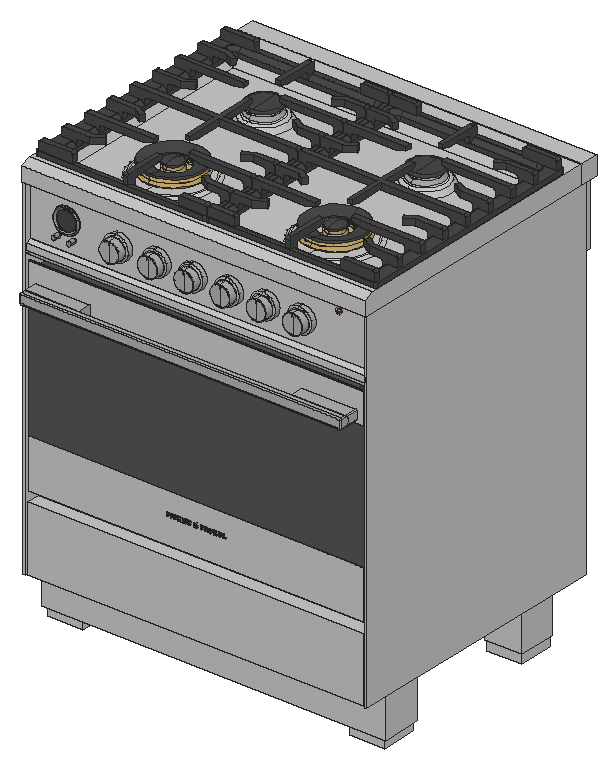
Revit family "FP_Revit_18_OR30SDG6X1_Range_90001008A", category Specialty Equipment, Revit 2018
Family settings
  Round Connector Dimension = Use Diameter
  Part Type = Normal
  OmniClass Number = 23.40.40.14.17.17
  OmniClass Title = Ranges
  Work Plane-Based = No
  Always vertical = Yes
  Cut with Voids When Loaded = Yes
  Shared = No
  Room Calculation Point = No
Parameters
  Visibility - Toe Kick Panel (Optional) = yes
  Visibility - Rear Trim 3"/76mm (Optional) = no
  Visibility - Rear Trim (Supplied) = yes
  Visibility - Clearance Required = yes
  Visibility - Adjustable Feet Covers = yes
  URL = "www.fisherpaykel.com"
  Product - Width = 759 mm  # constant formula
  Product - Height = 915 mm  # constant formula
  Product - Depth = 679.1 mm  # constant formula
  Optional - Toe Kick Panel = "KICKOR30X1"
  Optional - Rear Trim = "TKOR306X1"
  Model = "OR30SDG6X1"
  Material - Trim = Fisher & Paykel - Steel, Chrome Plated
  Material - Handle = Fisher & Paykel - Aluminium
  Material - Glass = Fisher & Paykel - Glass, Black
  Material - Door Front = Fisher & Paykel - Glass, Black
  Material - Buttons and Dials = Fisher & Paykel - Aluminium
  Material - Burners & Trivets = Fisher & Paykel - Black, Matte
  Material - Body = Fisher & Paykel - Stainless Steel
  Manufacturer = "Fisher & Paykel Appliances"
  Keynote = ""
  Description = "30\" Contemporary Freestanding Dual Fuel Range (Stainless)"
  Countertop Height (min 908mm - max 933mm) = 915 mm
  Connector Description - Gas = "NG 1kPa (4\" WC), LPG 2.75 kPa (11\" WC), 1/2” NPT Minimum 5/8” dia. flex line"
  Connector Description - Electrical = "120/208 V or 120/240 V, 60 Hz, 30 A, Fused electrical supply"
  Clearance - Side Non-Combustible = 0 mm  # constant formula
  Clearance - Side Combustible = 330 mm  # constant formula
  Clearance - Rear Non-Combustible = 0 mm  # constant formula
  Clearance - Rear Combustible = 305 mm  # constant formula
  Clearance - Overhead Rangehood = 762 mm  # constant formula
  Clearance - Overhead Non-Combustible = 762 mm  # constant formula
  Clearance - Overhead Combustible = 914 mm  # constant formula
  Chassis - Width = 759 mm  # constant formula
  Chassis - Height = 816 mm  # constant formula
  Chassis - Depth = 638 mm  # constant formula
  Cavity - Width = 762 mm  # constant formula
  Cavity - Height = 0 mm  # constant formula
  Cavity - Depth = 641 mm  # constant formula
Reference planes
  plane 1 "Datum": y = 0
  plane 2: z = 0
  plane 3 "Center (Left/Right)": x = 0
  plane 4 "Product Height": z = 923
  plane 5 "Product LHS": x = -379.5
  plane 6 "Product RHS": x = 379.5
  plane 7 "Cavity LHS": x = -381
  plane 8 "Cavity RHS": x = 381
  plane 9 "Product Depth": y = 638
  plane 10 "Cavity Depth": y = 641
  plane 11 "Dials": z = 820.4
  plane 12 "Countertop Height": z = 915
Forms (mm)
  Extrusion 1, solid, material "Fisher & Paykel - Stainless Steel" <- "Material - Body"
    sketch origin (0, 0, 0) x (0, 1, 0) y (0, 0, 1)
      loop
        line (50.7, 883) -> (50.7, 107) -> (603, 107) -> (603, 883) -> (50.7, 883)
    from -374 to 374
  Extrusion 2, solid, material "Fisher & Paykel - Stainless Steel" <- "Material - Body"
    sketch origin (0, 0, 0) x (0, 1, 0) y (0, 0, 1)
      loop
        line (12.5, 883) -> (12.5, 768) -> (50.7, 768) -> (50.7, 883) -> (12.5, 883)
    from -374 to 374
  Extrusion 3, solid, material "Fisher & Paykel - Stainless Steel" <- "Material - Body"
    sketch origin (0, 0, 0) x (0, 1, 0) y (0, 0, 1)
      loop
        line (32, 250.4) -> (2, 250.4) -> (2, 107) -> (32, 107) -> (32, 250.4)
    from -370 to 370
  Extrusion 4, solid, material "Fisher & Paykel - Clearance Required", visible <- "Visibility - Clearance Required", detail levels coarse
    sketch origin (0, 0, 0) x (0, 1, 0) y (0, 0, 1)
      loop
        line (0, 273.2) -> (0, 727.091)
        arc (0, 727.091) -> (-320.949, 594.149) -> (-453.891, 273.2) r 453.891
        line (-453.891, 273.2) -> (0, 273.2)
    from -381 to 381
  Extrusion 5, solid, material "Fisher & Paykel - Clearance Required", visible <- "Visibility - Clearance Required", detail levels coarse
    sketch origin (0, 0, 0) x (0, 1, 0) y (0, 0, 1)
      loop
        line (641, 0) -> (641, 923) -> (0, 923) -> (0, 0) -> (641, 0)
    from -381 to 381
  Extrusion 6, solid, material "Fisher & Paykel - Clearance Required (Combustible)", visible <- "Visibility - Clearance Required", detail levels coarse
    sketch origin (0, 0, 0) x (1, 0, 0) y (0, 1, 0)
      loop
        line (-381, 0) -> (-381, 641) -> (381, 641) -> (381, 0) -> (711, 0) -> (711, 946) -> (-711, 946) -> (-711, 0) -> (-381, 0)
    from 923 to 1380
  Extrusion 7, solid, material "Fisher & Paykel - Clearance Required (Non-Combustible)", visible <- "Visibility - Clearance Required", detail levels coarse
    sketch origin (0, 0, 0) x (1, 0, 0) y (0, 1, 0)
      loop
        line (-381, 0) -> (381, 0) -> (381, 641) -> (-381, 641) -> (-381, 0)
    from 923 to 1685
  Extrusion 8, solid, material "Fisher & Paykel - Clearance Required (Combustible)", visible <- "Visibility - Clearance Required", detail levels coarse
    sketch origin (0, 0, 0) x (1, 0, 0) y (0, 1, 0)
      loop
        line (381, 641) -> (-381, 641) -> (-381, 0) -> (381, 0) -> (381, 641)
    from 1685 to 1837
  Extrusion 9, solid, material "Fisher & Paykel - Clearance Required (Combustible)", visible <- "Visibility - Clearance Required", detail levels coarse
    sketch origin (0, 0, 0) x (1, 0, 0) y (0, 1, 0)
      loop
        line (-711, 0) -> (-381, 0) -> (-381, 311) -> (-711, 311) -> (-711, 0)
      loop
        line (711, 0) -> (711, 311) -> (381, 311) -> (381, 0) -> (711, 0)
    from 1837 to 1380
  Extrusion 10, solid, material "Fisher & Paykel - Stainless Steel" <- "Material - Body"
    sketch origin (0, 0, 0) x (0, 1, 0) y (0, 0, 1)
      loop
        line (0, 883) -> (0, 107) -> (603, 107) -> (603, 883) -> (0, 883)
    from 374 to 379.5
  Extrusion 11, solid, material "Fisher & Paykel - Stainless Steel" <- "Material - Body"
    sketch origin (0, 0, 0) x (0, 1, 0) y (0, 0, 1)
      loop
        line (0, 883) -> (0, 107) -> (603, 107) -> (603, 883) -> (0, 883)
    from -379.5 to -374
  Extrusion 12, solid, material "Fisher & Paykel - Stainless Steel" <- "Material - Body"
    sketch origin (0, 0, 0) x (0, 1, 0) y (0, 0, 1)
      loop
        line (1.349, 748) -> (50.7, 748) -> (50.7, 768) -> (12.5, 768) -> (1.349, 761.562) -> (1.349, 748)
    from -374 to 374
  Extrusion 13, solid, material "Fisher & Paykel - Steel, Chrome Plated" <- "Material - Trim", detail levels fine
    sketch origin (0, 0, 0) x (0, 1, 0) y (0, 0, 1)
      loop
        line (1.349, 743.1) -> (1.349, 741.5) -> (50.7, 741.5) -> (50.7, 743.1) -> (1.349, 743.1)
    from -374 to 374
  Extrusion 14, solid, material "Fisher & Paykel - Stainless Steel" <- "Material - Body"
    sketch origin (0, 0, 0) x (0, 1, 0) y (0, 0, 1)
      loop
        line (-3, 914.9) -> (-3, 883) -> (592, 883) -> (592, 923) -> (17.048, 923) -> (-3, 914.9)
    from -379.5 to 379.5
  Extrusion 15, solid, material "Fisher & Paykel - Stainless Steel" <- "Material - Body", visible <- "Visibility - Adjustable Feet Covers"
    sketch origin (0, 0, 0) x (1, 0, 0) y (0, 1, 0)
      loop
        line (-292.2, 137.7) -> (-374, 137.7) -> (-374, 55.7) -> (-292.2, 55.7) -> (-292.2, 137.7)
      loop
        line (-292.2, 516) -> (-374, 516) -> (-374, 434.3) -> (-292.2, 434.3) -> (-292.2, 516)
      loop
        line (292.2, 137.7) -> (292.2, 55.7) -> (374, 55.7) -> (374, 137.7) -> (292.2, 137.7)
      loop
        line (292.2, 516) -> (292.2, 434.3) -> (374, 434.3) -> (374, 516) -> (292.2, 516)
    from 21.3 to 107
  Extrusion 16, solid, material "Fisher & Paykel - Stainless Steel" <- "Material - Body", visible <- "Visibility - Adjustable Feet Covers"
    sketch origin (0, 0, 0) x (1, 0, 0) y (0, 1, 0)
      loop
        line (-294.2, 514.3) -> (-372.3, 514.3) -> (-372.3, 436.2) -> (-294.2, 436.2) -> (-294.2, 514.3)
      loop
        line (-294.2, 135.8) -> (-372.3, 135.8) -> (-372.3, 57.7) -> (-294.2, 57.7) -> (-294.2, 135.8)
      loop
        line (294.2, 514.3) -> (294.2, 436.2) -> (372.3, 436.2) -> (372.3, 514.3) -> (294.2, 514.3)
      loop
        line (294.2, 135.8) -> (294.2, 57.7) -> (372.3, 57.7) -> (372.3, 135.8) -> (294.2, 135.8)
    from 0 to 21.3
  Extrusion 17, solid, material "Fisher & Paykel - Stainless Steel" <- "Material - Body", visible <- "Visibility - Toe Kick Panel (Optional)"
    sketch origin (0, 0, 0) x (1, 0, 0) y (0, 1, 0)
      loop
        line (-374, 137.7) -> (-379.5, 137.7) -> (-379.5, 50.7) -> (379.5, 50.7) -> (379.5, 137.7) -> (374, 137.7) -> (374, 55.7) -> (-374, 55.7) -> (-374, 137.7)
    from 21.3 to 107
  Extrusion 18, solid, material "Fisher & Paykel - Glass, Black" <- "Material - Glass"
    sketch origin (0, 0, 0) x (1, 0, 0) y (0, 0, 1)
      loop
        line (-370, 272.4) -> (370, 272.4) -> (370, 727.6) -> (-370, 727.6) -> (-370, 272.4)
    from -8.9 to -4.9
  Extrusion 19, solid, material "Fisher & Paykel - Glass, Black" <- "Material - Door Front"
    sketch origin (0, 0, 0) x (0, 1, 0) y (0, 0, 1)
      loop
        line (8.9, 725.037) -> (8.9, 272.4) -> (50.7, 272.4) -> (50.7, 720.644) -> (8.9, 725.037)
    from -350 to 350
  Extrusion 20, void
    sketch origin (0, 0, 0) x (1, 0, 0) y (0, 1, 0)
      loop
        arc (-333.8, 543) -> (-347.942, 537.142) -> (-353.8, 523) r 20
        line (-353.8, 523) -> (-353.8, 58.351)
        arc (-353.8, 58.351) -> (-347.942, 44.209) -> (-333.8, 38.351) r 20
        line (-333.8, 38.351) -> (333.8, 38.351)
        arc (333.8, 38.351) -> (347.942, 44.209) -> (353.8, 58.351) r 20
        line (353.8, 58.351) -> (353.8, 516.8)
        arc (353.8, 516.8) -> (346.126, 535.326) -> (327.6, 543) r 26.2
        line (327.6, 543) -> (-333.8, 543)
    from 893 to 923
  Extrusion 21, solid, material "Fisher & Paykel - Stainless Steel" <- "Material - Body", visible <- "Visibility - Rear Trim (Supplied)"
    sketch origin (0, 0, 0) x (0, 1, 0) y (0, 0, 1)
      loop
        line (592, 923) -> (592, 883) -> (633, 883) -> (633, 923) -> (592, 923)
    from -379.5 to 379.5
  Sweep 22, solid, material "Fisher & Paykel - Stainless Steel", detail levels fine
    path in 3D
      loop
        arc (-353.8, 523, 923) -> (-347.942, 537.142, 923) -> (-333.8, 543, 923) r 20
        line (-333.8, 543, 923) -> (327.6, 543, 923)
        arc (327.6, 543, 923) -> (346.126, 535.326, 923) -> (353.8, 516.8, 923) r 26.2
        line (353.8, 516.8, 923) -> (353.8, 58.351, 923)
        arc (353.8, 58.351, 923) -> (347.942, 44.209, 923) -> (333.8, 38.351, 923) r 20
        line (333.8, 38.351, 923) -> (-333.8, 38.351, 923)
        arc (-333.8, 38.351, 923) -> (-347.942, 44.209, 923) -> (-353.8, 58.351, 923) r 20
        line (-353.8, 58.351, 923) -> (-353.8, 523, 923)
    profile origin (-353.8, 290.675, 923) x (-1, 0, 0) y (0, 0, 1)
      loop
        line (0, 0) -> (-18.746, -30) -> (0, -30) -> (0, 0)
  Revolve 23, solid, material "Fisher & Paykel - Stainless Steel" <- "Material - Body"
    sketch origin (-179, 0, 0) x (0, 1, 0) y (0, 0, 1)
      loop
        line (163, 893) -> (163, 897) -> (84.905, 897)
        arc (84.905, 897) -> (83.174, 896.81) -> (81.524, 896.25) r 8
        line (81.524, 896.25) -> (74.554, 893) -> (163, 893)
      axis (163, 893) -> (163, 897)
    angle from 0 to 360
  Revolve 24, solid, material "Fisher & Paykel - Stainless Steel" <- "Material - Body"
    sketch origin (-179, 0, 0) x (0, 1, 0) y (0, 0, 1)
      loop
        line (413.1, 907.049) -> (371.389, 907.049)
        arc (371.389, 907.049) -> (367.674, 906.135) -> (364.808, 903.599) r 8
        line (364.808, 903.599) -> (357.481, 893) -> (413.1, 893) -> (413.1, 907.049)
      axis (413.1, 893) -> (413.1, 907.049)
    angle from 0 to 360
  Revolve 25, solid, material "Fisher & Paykel - Stainless Steel" <- "Material - Body"
    sketch origin (179, 0, 0) x (0, 1, 0) y (0, 0, 1)
      loop
        line (163, 893) -> (163, 897) -> (84.905, 897)
        arc (84.905, 897) -> (83.174, 896.81) -> (81.524, 896.25) r 8
        line (81.524, 896.25) -> (74.554, 893) -> (163, 893)
      axis (163, 893) -> (163, 897)
    angle from 0 to 360
  Revolve 26, solid, material "Fisher & Paykel - Stainless Steel" <- "Material - Body"
    sketch origin (179, 0, 0) x (0, 1, 0) y (0, 0, 1)
      loop
        line (413.1, 907.049) -> (371.389, 907.049)
        arc (371.389, 907.049) -> (367.674, 906.135) -> (364.808, 903.599) r 8
        line (364.808, 903.599) -> (357.481, 893) -> (413.1, 893) -> (413.1, 907.049)
      axis (413.1, 893) -> (413.1, 907.049)
    angle from 0 to 360
  Extrusion 27, void
    sketch origin (0, 0, 0) x (1, 0, 0) y (0, 0, 1)
      loop
        line (293.3, 307) -> (293.3, 155.9) -> (-366.5, 155.9) -> (-366.5, 99) -> (366.5, 99) -> (366.5, 307) -> (293.3, 307)
    from -603 to -528
  Extrusion 28, solid, material "Fisher & Paykel - Stainless Steel" <- "Material - Body", detail levels fine
    sketch origin (0, 0, 0) x (1, 0, 0) y (0, 1, 0)
      loop
        line (-205.048, 573.322) -> (-205.048, 537.488) -> (-155.824, 537.488) -> (-155.824, 573.322) -> (-205.048, 573.322)
    from 143.4 to 155.9
  Extrusion 29, solid, material "Fisher & Paykel - Stainless Steel" <- "Material - Body", detail levels medium+fine
    sketch origin (0, 0, 0) x (1, 0, 0) y (0, 1, 0)
      loop
        circle (-149.108, 543.3) r 6
    from 113 to 155.9
  Extrusion 30, solid, material "Fisher & Paykel - Stainless Steel" <- "Material - Body"
    sketch origin (0, 0, 0) x (1, 0, 0) y (0, 0, 1)
      loop
        circle (-358, 897) r 4.009
      loop
        circle (-358, 897) r 7.491
      loop
        circle (358, 897) r 4.009
      loop
        circle (358, 897) r 7.491
    from -638 to -633
  Extrusion 31, solid, material "Fisher & Paykel - Stainless Steel" <- "Material - Body"
    sketch origin (0, 0, 0) x (1, 0, 0) y (0, 0, 1)
      loop
        line (365.45, 732) -> (365.45, 883) -> (-365.45, 883) -> (-365.45, 732) -> (365.45, 732)
    from -633 to -603
  Extrusion 32, solid, material "Fisher & Paykel - Stainless Steel" <- "Material - Body"
    sketch origin (0, 0, 0) x (0, 1, 0) y (0, 0, 1)
      loop
        line (641, 159) -> (634.5, 159) -> (603.768, 13.3) -> (486.3, 13.3) -> (486.3, 0) -> (641, 0) -> (641, 159)
    from -27 to 27
  Extrusion 33, solid, material "Fisher & Paykel - Stainless Steel" <- "Material - Body"
    sketch origin (0, 0, 0) x (1, 0, 0) y (0, 1, 0)
      loop
        circle (0, 514.362) r 4.977
    from 13.3 to 50.9
  Extrusion 34, solid, material "Fisher & Paykel - Stainless Steel" <- "Material - Body", visible <- "Visibility - Rear Trim 3"/76mm (Optional)"
    sketch origin (0, 0, 0) x (0, 1, 0) y (0, 0, 1)
      loop
        line (633, 883) -> (633, 999) -> (581.8, 999) -> (581.8, 923) -> (592, 923) -> (592, 883) -> (633, 883)
    from -379.5 to 379.5
  Extrusion 35, solid, material "Fisher & Paykel - Stainless Steel" <- "Material - Body"
    sketch origin (0, 0, 0) x (1, 0, 0) y (0, 1, 0)
      loop
        circle (-333.1, 96.6) r 25
      loop
        circle (-333.15, 475.15) r 25
      loop
        circle (333.1, 96.6) r 25
      loop
        circle (333.15, 475.15) r 25
    from 0 to 107
  Extrusion 36, solid, material "Fisher & Paykel - Stainless Steel" <- "Material - Body"
    sketch origin (0, 0, 0) x (0, 1, 0) y (0, 0, 1)
      loop
        line (528, 107) -> (509.5, 107) -> (509.5, 50.9) -> (528, 50.9) -> (528, 107)
    from -27 to 27
  Revolve 37, void
    sketch origin (308.5, 0, 0) x (0, 1, 0) y (0, 0, 1)
      loop
        line (14.44, 867.737) -> (12.5, 869.677) -> (12.5, 862.456) -> (19.44, 862.456) -> (19.44, 867.737) -> (14.44, 867.737)
      axis (19.44, 862.456) -> (12.5, 862.456)
    angle from 0 to 360
  Extrusion 38, solid, material "Fisher & Paykel - Bezel Red", detail levels medium+fine
    sketch origin (0, 0, 0) x (1, 0, 0) y (0, 0, 1)
      loop
        circle (308.5, 862.456) r 5.281
    from -19.44 to -14.44
  Extrusion 39, solid, material "Fisher & Paykel - Stainless Steel" <- "Material - Body"
    sketch origin (0, 0, 0) x (0, 1, 0) y (0, 0, 1)
      loop
        line (3, 727.6) -> (3, 661.7) -> (4.9, 661.7) -> (4.9, 727.6) -> (3, 727.6)
      loop
        line (3, 380.5) -> (3, 272.4) -> (4.9, 272.4) -> (4.9, 380.5) -> (3, 380.5)
    from -370 to 370
  Extrusion 40, void
    sketch origin (0, 0, 0) x (0, 1, 0) y (0, 0, 1)
      loop
        line (641, 0) -> (641, 923) -> (-40, 923) -> (-40, 0) -> (641, 0)
    from -381 to 381
Cuts and joins
  Extrusion 20, Extrusion 27 cuts Extrusion 1
  Extrusion 20, Revolve 37 cuts Extrusion 5
  Extrusion 20 cuts Extrusion 15
  Extrusion 20 cuts Extrusion 16
  Extrusion 20 cuts Extrusion 17
  Extrusion 20 cuts Extrusion 14
  Revolve 37 cuts Extrusion 2
Lines and regions (mm)
  sketch lines
    curve 1: line (-353.8, 58.351, 923) -> (-353.8, 523, 923)
    curve 2: arc (-353.8, 58.351, 923) -> (-347.942, 44.209, 923) -> (-333.8, 38.351, 923) r 20
    curve 3: line (333.8, 38.351, 923) -> (-333.8, 38.351, 923)
    curve 4: arc (333.8, 38.351, 923) -> (347.942, 44.209, 923) -> (353.8, 58.351, 923) r 20
    curve 5: line (353.8, 516.8, 923) -> (353.8, 58.351, 923)
    curve 6: arc (353.8, 516.8, 923) -> (346.126, 535.326, 923) -> (327.6, 543, 923) r 26.2
    curve 7: line (-333.8, 543, 923) -> (327.6, 543, 923)
    curve 8: arc (-333.8, 543, 923) -> (-347.942, 537.142, 923) -> (-353.8, 523, 923) r 20
  model lines
    curve 9: line (0, -18.2, 820.4) -> (0, 96.8, 820.4)
Text (mm)
  text "Due to ongoing product development, product details are subject to change without notice. \nPlease always refer to www.fisherpaykel.com for the most current product information. \n© Fisher & Paykel 2020" at (41.04, -502.455, 0), in view "Ref. Level (Plan)"
Dimensions and locks
  equal spacing: plane 5 "Product LHS", plane 3 "Center (Left/Right)", plane 6 "Product RHS"
  "Product - Width": plane 5 "Product LHS" to plane 6 "Product RHS"
  equal spacing: plane 7 "Cavity LHS", plane 3 "Center (Left/Right)", plane 8 "Cavity RHS"
  "Cavity - Width": plane 7 "Cavity LHS" to plane 8 "Cavity RHS"
  locked: plane 4 "Product Height" to nested 1 at 592.497
  "Chassis - Depth": plane 1 "Datum" to plane 9 "Product Depth"
  "Cavity - Depth": plane 1 "Datum" to plane 10 "Cavity Depth"
  "Clearance - Side Combustible": Extrusion 6 sketch curve to Extrusion 5
  "Clearance - Side Combustible": Extrusion 5 to Extrusion 6 sketch curve
  "Clearance - Rear Combustible": plane 10 "Cavity Depth" to Extrusion 6 sketch curve
  Extrusion 6 to plane 4 "Product Height" = 457 mm
  locked: Extrusion 7 to plane 4 "Product Height" at 762
  Extrusion 8 to plane 4 "Product Height" = 914 mm
  Extrusion 9 sketch curve to plane 10 "Cavity Depth" = 330 mm
  "Clearance - Side Combustible": Extrusion 8 to Extrusion 6
  "Clearance - Side Combustible": Extrusion 6 to Extrusion 8
  "Clearance - Rear Combustible": Extrusion 6 to Extrusion 8
  locked: Extrusion 6 to plane 4 "Product Height" at 457
  "Clearance - Overhead Combustible": Extrusion 8 to plane 4 "Product Height"
  Extrusion 9 to Extrusion 8 = 330 mm
  locked: plane 4 "Product Height" to Extrusion 10 at 40
  Extrusion 15 sketch curve to plane 6 "Product RHS" = 87.3 mm
  plane 5 "Product LHS" to Extrusion 15 sketch curve = 87.3 mm
  locked: plane 5 "Product LHS" to Extrusion 11 at 5.5
  locked: Extrusion 10 to plane 6 "Product RHS" at 5.5
  locked: plane 4 "Product Height" to Extrusion 10 at 816
  locked: plane 4 "Product Height" to Extrusion 3 at 672.6  (x2)
  locked: plane 4 "Product Height" to Extrusion 12 at 175
  locked: plane 4 "Product Height" to Extrusion 12 at 155
  equal spacing: cut or joined group of Extrusion 14, Extrusion 20, plane 3 "Center (Left/Right)", cut or joined group of Extrusion 14, Extrusion 20
  plane 4 "Product Height" to Extrusion 31 = 191 mm
  locked: Extrusion 6 to plane 11 "Dials" at 102.6
  locked: Extrusion 6 to Sweep 22 at 30
  Extrusion 6 to nested 2 = 18.8 mm
  Extrusion 6 to nested 3 = 18.8 mm
  nested 5 to Extrusion 6 = 31.5 mm
  nested 6 to Extrusion 6 = 31.5 mm
  locked: nested 14 to plane 11 "Dials" at 10.019
  locked: plane 4 "Product Height" to Extrusion 13 at 179.9
  locked: Extrusion 12 to plane 4 "Product Height" at 175
  locked: Extrusion 31 to plane 4 "Product Height" at 191
  locked: plane 4 "Product Height" to cut or joined group of Extrusion 1, Extrusion 20, Extrusion 27 at 616
  locked: plane 4 "Product Height" to plane 11 "Dials" at 102.6
  plane 4 "Product Height" to Extrusion 10 = 816 mm
  locked: nested 15 to cut or joined group of Extrusion 1, Extrusion 20, Extrusion 27 at 35.904
  locked: Extrusion 19 to plane 4 "Product Height" at 650.6
  locked: cut or joined group of Extrusion 1, Extrusion 20, Extrusion 27 to plane 11 "Dials" at 713.4
  locked: cut or joined group of Extrusion 1, Extrusion 20, Extrusion 27 to cut or joined group of Extrusion 1, Extrusion 20, Extrusion 27 at 48.9
  locked: Sweep 22 to plane 4 "Product Height" at 30
  locked: plane 4 "Product Height" to nested 3 at 18.8
  locked: nested 7 to plane 4 "Product Height" at 13
  locked: nested 5 to plane 4 "Product Height" at 31.5
  locked: nested 6 to plane 4 "Product Height" at 31.5
  locked: plane 4 "Product Height" to nested 2 at 22.879
  locked: plane 4 "Product Height" to nested 3 at 22.879
  locked: plane 4 "Product Height" to nested 4 at 13
  locked: cut or joined group of Extrusion 1, Extrusion 20, Extrusion 27 to Extrusion 28 at 163.6
  locked: cut or joined group of Extrusion 1, Extrusion 20, Extrusion 27 to Extrusion 29 at 194
  Extrusion 8 to Extrusion 9 = 311 mm
  locked: plane 5 "Product LHS" to Sweep 22 at 25.7
  locked: Sweep 22 to plane 6 "Product RHS" at 25.7
  locked: cut or joined group of Extrusion 17, Extrusion 20 to Extrusion 10 at 85.7
  cut or joined group of Extrusion 15, Extrusion 20 to Extrusion 10 = 85.7 mm
  locked: Extrusion 6 to Extrusion 8 at 762
  Extrusion 10 to Extrusion 4 = 166.2 mm
  locked: Extrusion 10 to Extrusion 4 at 166.2
  Extrusion 21 to plane 4 "Product Height" = 0 mm
  locked: plane 4 "Product Height" to plane 12 "Countertop Height" at 8
  "Countertop Height (min 908mm - max 933mm)": level to plane 12 "Countertop Height"
  locked: Extrusion 32 to level at 159
  locked: Extrusion 36 to Extrusion 10 at 56.1
  locked: plane 4 "Product Height" to nested 16 at 234.693
  locked: nested 13 to plane 11 "Dials" at 27.732
  locked: nested 12 to plane 11 "Dials" at 27.732
  locked: nested 11 to plane 11 "Dials" at 27.732
  locked: nested 10 to plane 11 "Dials" at 27.732
  locked: nested 9 to plane 11 "Dials" at 27.732
  locked: nested 8 to plane 11 "Dials" at 27.732
  locked: plane 4 "Product Height" to Extrusion 39 at 542.5
  locked: Extrusion 39 to plane 4 "Product Height" at 261.3
  locked: Extrusion 18 to plane 4 "Product Height" at 650.6
  "Product - Depth": nested 16 to plane 9 "Product Depth"
  aligned and locked: level to plane 2
  aligned and locked: Extrusion 5 sketch curve to plane 4 "Product Height"
  aligned and locked: Extrusion 5 to plane 8 "Cavity RHS"
  aligned and locked: Extrusion 5 to plane 7 "Cavity LHS"
  aligned and locked: Extrusion 6 sketch curve to plane 8 "Cavity RHS"
  aligned and locked: Extrusion 6 sketch curve to plane 7 "Cavity LHS"
  aligned and locked: Extrusion 5 to Extrusion 7 sketch curve
  aligned and locked: Extrusion 8 sketch curve to Extrusion 5
  aligned and locked: Extrusion 5 to Extrusion 8 sketch curve
  aligned and locked: Extrusion 9 sketch curve to Extrusion 9 sketch curve
  aligned and locked: Extrusion 5 to Extrusion 9 sketch curve
  aligned and locked: Extrusion 2 to cut or joined group of Extrusion 1, Extrusion 20, Extrusion 27
  aligned and locked: cut or joined group of Extrusion 1, Extrusion 20, Extrusion 27 to Extrusion 2
  aligned and locked: Extrusion 10 sketch curve to plane 1 "Datum"
  aligned and locked: Extrusion 10 to plane 6 "Product RHS"
  aligned and locked: plane 5 "Product LHS" to Extrusion 11
  aligned and locked: cut or joined group of Extrusion 1, Extrusion 20, Extrusion 27 to Extrusion 15 sketch curve  (x2)
  aligned and locked: Extrusion 15 sketch curve to cut or joined group of Extrusion 1, Extrusion 20, Extrusion 27
  aligned and locked: Extrusion 15 sketch curve to Extrusion 15 sketch curve
  aligned and locked: Extrusion 2 to Extrusion 11
  aligned and locked: Extrusion 2 to Extrusion 12
  aligned and locked: Extrusion 2 to Extrusion 13
  aligned and locked: Extrusion 2 to Extrusion 10
  aligned and locked: Extrusion 12 to Extrusion 2
  aligned and locked: Extrusion 13 to Extrusion 2
  aligned and locked: Extrusion 15 to cut or joined group of Extrusion 1, Extrusion 20, Extrusion 27
  aligned and locked: Extrusion 3 to cut or joined group of Extrusion 1, Extrusion 20, Extrusion 27
  aligned and locked: Extrusion 16 to level
  aligned and locked: Extrusion 16 to Extrusion 15
  aligned and locked: plane 5 "Product LHS" to Extrusion 17 sketch curve
  aligned and locked: Extrusion 17 sketch curve to cut or joined group of Extrusion 1, Extrusion 20, Extrusion 27  (x2)
  aligned and locked: Extrusion 17 sketch curve to Extrusion 15
  aligned and locked: Extrusion 17 sketch curve to Extrusion 2
  aligned and locked: Extrusion 17 sketch curve to plane 6 "Product RHS"
  aligned and locked: Extrusion 17 to cut or joined group of Extrusion 1, Extrusion 20, Extrusion 27
  aligned and locked: plane 4 "Product Height" to Extrusion 20
  aligned and locked: Extrusion 21 to plane 6 "Product RHS"
  aligned and locked: plane 5 "Product LHS" to Extrusion 21
  aligned and locked: Extrusion 30 to plane 9 "Product Depth"
  aligned and locked: Extrusion 4 to plane 8 "Cavity RHS"
  aligned and locked: plane 7 "Cavity LHS" to Extrusion 4
  aligned and locked: Extrusion 11 to cut or joined group of Extrusion 1, Extrusion 20, Extrusion 27
  aligned and locked: Extrusion 17 to cut or joined group of Extrusion 15, Extrusion 20
  aligned and locked: Extrusion 20 to Sweep 22
  aligned and locked: cut or joined group of Extrusion 1, Extrusion 20, Extrusion 27 to Extrusion 28
  aligned and locked: cut or joined group of Extrusion 1, Extrusion 20, Extrusion 27 to Extrusion 29
  aligned and locked: Extrusion 7 to plane 10 "Cavity Depth"
  aligned and locked: Extrusion 6 sketch curve to plane 10 "Cavity Depth"
  aligned and locked: Extrusion 14 to plane 5 "Product LHS"
  aligned and locked: Extrusion 14 to plane 6 "Product RHS"
  aligned and locked: Extrusion 33 to Extrusion 32
  aligned and locked: Extrusion 21 to cut or joined group of Extrusion 1, Extrusion 20, Extrusion 27
  aligned and locked: Extrusion 2 to Extrusion 21
  aligned and locked: Extrusion 31 to Extrusion 21
  aligned and locked: plane 5 "Product LHS" to Extrusion 34
  aligned and locked: Extrusion 35 to level
  aligned and locked: Extrusion 35 to cut or joined group of Extrusion 1, Extrusion 20, Extrusion 27
  aligned and locked: Extrusion 33 to Extrusion 36
  aligned and locked: Extrusion 7 to plane 4 "Product Height"
  aligned and locked: Extrusion 9 to Extrusion 6
  aligned and locked: Extrusion 8 to Extrusion 9
  aligned and locked: Extrusion 5 to level
Automatic sketch dimensions
  plane 11 "Dials" to curve 9 = 0 mm
  plane 1 "Datum" to curve 9 = 18.2 mm
  curve 9 to plane 1 "Datum" = 96.8 mm
  Extrusion 1 sketch curve to plane 1 "Datum" = 50.7 mm
  plane 9 "Product Depth" to Extrusion 1 sketch curve = 35 mm
  level to Extrusion 1 sketch curve = 107 mm
  plane 12 "Countertop Height" to Extrusion 1 sketch curve = 32 mm
  Extrusion 2 sketch curve to plane 1 "Datum" = 12.5 mm
  Extrusion 2 sketch curve to Extrusion 2 sketch curve = 38.2 mm
  plane 11 "Dials" to Extrusion 2 sketch curve = 52.4 mm
  plane 12 "Countertop Height" to Extrusion 2 sketch curve = 32 mm
  Extrusion 3 sketch curve to plane 1 "Datum" = 2 mm
  Extrusion 3 sketch curve to Extrusion 3 sketch curve = 30 mm
  level to Extrusion 3 sketch curve = 107 mm
  Extrusion 3 sketch curve to Extrusion 3 sketch curve = 143.4 mm
  Extrusion 4 sketch curve to plane 1 "Datum" = 0 mm
  plane 1 "Datum" to Extrusion 4 sketch curve = 453.891 mm
  level to Extrusion 4 sketch curve = 273.2 mm
  Extrusion 5 sketch curve to level = 0 mm
  Extrusion 5 sketch curve to plane 1 "Datum" = 0 mm
  Extrusion 5 sketch curve to plane 10 "Cavity Depth" = 0 mm
  Extrusion 7 sketch curve to plane 8 "Cavity RHS" = 0 mm
  plane 1 "Datum" to Extrusion 7 sketch curve = 0 mm
  plane 10 "Cavity Depth" to Extrusion 7 sketch curve = 0 mm
  Extrusion 8 sketch curve to plane 7 "Cavity LHS" = 0 mm
  plane 1 "Datum" to Extrusion 8 sketch curve = 0 mm
  plane 1 "Datum" to Extrusion 9 sketch curve = 0 mm  (x2)
  Extrusion 9 sketch curve to plane 7 "Cavity LHS" = 0 mm
  plane 7 "Cavity LHS" to Extrusion 9 sketch curve = 330 mm
  Extrusion 9 sketch curve to plane 8 "Cavity RHS" = 330 mm
  plane 9 "Product Depth" to Extrusion 10 sketch curve = 35 mm
  level to Extrusion 10 sketch curve = 107 mm
  plane 12 "Countertop Height" to Extrusion 10 sketch curve = 32 mm
  Extrusion 11 sketch curve to plane 1 "Datum" = 0 mm
  plane 9 "Product Depth" to Extrusion 11 sketch curve = 35 mm
  level to Extrusion 11 sketch curve = 107 mm
  plane 12 "Countertop Height" to Extrusion 11 sketch curve = 32 mm
  Extrusion 12 sketch curve to plane 1 "Datum" = 1.349 mm
  Extrusion 12 sketch curve to plane 1 "Datum" = 12.5 mm
  Extrusion 12 sketch curve to Extrusion 12 sketch curve = 38.2 mm
  plane 11 "Dials" to Extrusion 12 sketch curve = 72.4 mm
  Extrusion 12 sketch curve to Extrusion 12 sketch curve = 13.562 mm
  Extrusion 12 sketch curve to Extrusion 12 sketch curve = 6.438 mm
  Extrusion 13 sketch curve to plane 1 "Datum" = 1.349 mm
  Extrusion 13 sketch curve to Extrusion 13 sketch curve = 49.351 mm
  plane 11 "Dials" to Extrusion 13 sketch curve = 78.9 mm
  Extrusion 13 sketch curve to Extrusion 13 sketch curve = 1.6 mm
  Extrusion 14 sketch curve to plane 4 "Product Height" = 0 mm
  plane 12 "Countertop Height" to Extrusion 14 sketch curve = 0.1 mm
  plane 1 "Datum" to Extrusion 14 sketch curve = 3 mm
  Extrusion 14 sketch curve to plane 1 "Datum" = 17.048 mm
  plane 9 "Product Depth" to Extrusion 14 sketch curve = 46 mm
  plane 12 "Countertop Height" to Extrusion 14 sketch curve = 32 mm
  Extrusion 15 sketch curve to Extrusion 15 sketch curve = 81.8 mm  (x2)
  Extrusion 15 sketch curve to plane 1 "Datum" = 55.7 mm  (x2)
  Extrusion 15 sketch curve to Extrusion 15 sketch curve = 82 mm  (x2)
  plane 9 "Product Depth" to Extrusion 15 sketch curve = 203.7 mm  (x2)
  Extrusion 15 sketch curve to Extrusion 15 sketch curve = 81.7 mm  (x2)
  Extrusion 16 sketch curve to plane 5 "Product LHS" = 7.2 mm  (x2)
  Extrusion 16 sketch curve to Extrusion 16 sketch curve = 78.1 mm  (x6)
  plane 6 "Product RHS" to Extrusion 16 sketch curve = 85.3 mm  (x2)
  plane 6 "Product RHS" to Extrusion 16 sketch curve = 7.2 mm  (x2)
  Extrusion 16 sketch curve to plane 1 "Datum" = 57.7 mm  (x2)
  plane 9 "Product Depth" to Extrusion 16 sketch curve = 201.8 mm  (x2)
  Extrusion 17 sketch curve to Extrusion 17 sketch curve = 82 mm  (x2)
  Extrusion 18 sketch curve to plane 5 "Product LHS" = 9.5 mm
  plane 6 "Product RHS" to Extrusion 18 sketch curve = 9.5 mm
  level to Extrusion 18 sketch curve = 272.4 mm
  plane 11 "Dials" to Extrusion 18 sketch curve = 92.8 mm
  Extrusion 19 sketch curve to plane 1 "Datum" = 8.9 mm
  Extrusion 19 sketch curve to Extrusion 19 sketch curve = 41.8 mm
  level to Extrusion 19 sketch curve = 272.4 mm
  plane 11 "Dials" to Extrusion 19 sketch curve = 99.756 mm
  Extrusion 19 sketch curve to Extrusion 19 sketch curve = 4.393 mm
  Extrusion 20 sketch curve to plane 5 "Product LHS" = 25.7 mm
  Extrusion 20 sketch curve to Extrusion 20 sketch curve = 20 mm  (x2)
  plane 6 "Product RHS" to Extrusion 20 sketch curve = 51.9 mm
  plane 6 "Product RHS" to Extrusion 20 sketch curve = 45.7 mm
  plane 6 "Product RHS" to Extrusion 20 sketch curve = 25.7 mm
  Extrusion 20 sketch curve to plane 1 "Datum" = 38.351 mm
  plane 9 "Product Depth" to Extrusion 20 sketch curve = 121.2 mm
  Extrusion 21 sketch curve to plane 4 "Product Height" = 0 mm
  plane 9 "Product Depth" to Extrusion 21 sketch curve = 46 mm
  plane 9 "Product Depth" to Extrusion 21 sketch curve = 5 mm
  plane 12 "Countertop Height" to Extrusion 21 sketch curve = 32 mm
  Sweep 22 sketch curve to profile plane = 0 mm  (x2)
  Sweep 22 sketch curve to Sweep 22 sketch curve = 18.746 mm
  Sweep 22 sketch curve to profile plane = 30 mm
  plane 12 "Countertop Height" to Revolve 23 sketch curve = 22 mm
  Revolve 23 sketch curve to plane 1 "Datum" = 74.554 mm
  plane 12 "Countertop Height" to Revolve 23 sketch curve = 18.75 mm
  Revolve 23 sketch curve to Revolve 23 sketch curve = 6.971 mm
  Revolve 23 sketch curve to Revolve 23 sketch curve = 3.381 mm
  Revolve 23 sketch curve to Revolve 23 sketch curve = 78.095 mm
  Revolve 23 sketch curve to Revolve 23 sketch curve = 7.25 mm
  Revolve 23 sketch curve to Revolve 23 sketch curve = 0 mm  (x2)
  plane 12 "Countertop Height" to Revolve 23 sketch curve = 7 mm
  plane 12 "Countertop Height" to Revolve 24 sketch curve = 22 mm
  plane 9 "Product Depth" to Revolve 24 sketch curve = 280.519 mm
  plane 12 "Countertop Height" to Revolve 24 sketch curve = 11.401 mm
  Revolve 24 sketch curve to Revolve 24 sketch curve = 7.328 mm
  Revolve 24 sketch curve to Revolve 24 sketch curve = 6.58 mm
  plane 12 "Countertop Height" to Revolve 24 sketch curve = 7.951 mm
  Revolve 24 sketch curve to Revolve 24 sketch curve = 41.711 mm
  Revolve 24 sketch curve to Revolve 24 sketch curve = 0 mm
  Revolve 24 sketch curve to Revolve 24 sketch curve = 3.451 mm
  plane 4 "Product Height" to Revolve 24 sketch curve = 13.643 mm
  plane 12 "Countertop Height" to Revolve 25 sketch curve = 22 mm
  Revolve 25 sketch curve to plane 1 "Datum" = 74.554 mm
  plane 12 "Countertop Height" to Revolve 25 sketch curve = 18.75 mm
  Revolve 25 sketch curve to Revolve 25 sketch curve = 6.971 mm
  Revolve 25 sketch curve to Revolve 25 sketch curve = 3.381 mm
  Revolve 25 sketch curve to Revolve 25 sketch curve = 78.095 mm
  Revolve 25 sketch curve to Revolve 25 sketch curve = 7.25 mm
  Revolve 25 sketch curve to Revolve 25 sketch curve = 0 mm  (x2)
  plane 12 "Countertop Height" to Revolve 25 sketch curve = 7 mm
  plane 12 "Countertop Height" to Revolve 26 sketch curve = 22 mm
  plane 9 "Product Depth" to Revolve 26 sketch curve = 280.519 mm
  plane 12 "Countertop Height" to Revolve 26 sketch curve = 11.401 mm
  Revolve 26 sketch curve to Revolve 26 sketch curve = 7.328 mm
  Revolve 26 sketch curve to Revolve 26 sketch curve = 6.58 mm
  plane 12 "Countertop Height" to Revolve 26 sketch curve = 7.951 mm
  Revolve 26 sketch curve to Revolve 26 sketch curve = 41.711 mm
  Revolve 26 sketch curve to Revolve 26 sketch curve = 0 mm
  Revolve 26 sketch curve to Revolve 26 sketch curve = 3.451 mm
  plane 4 "Product Height" to Revolve 26 sketch curve = 13.643 mm
  Extrusion 27 sketch curve to plane 5 "Product LHS" = 13 mm
  plane 6 "Product RHS" to Extrusion 27 sketch curve = 86.2 mm
  plane 6 "Product RHS" to Extrusion 27 sketch curve = 13 mm
  level to Extrusion 27 sketch curve = 99 mm
  Extrusion 27 sketch curve to Extrusion 27 sketch curve = 56.9 mm
  Extrusion 27 sketch curve to Extrusion 27 sketch curve = 151.1 mm
  Extrusion 28 sketch curve to plane 5 "Product LHS" = 174.452 mm
  Extrusion 28 sketch curve to Extrusion 28 sketch curve = 49.224 mm
  plane 9 "Product Depth" to Extrusion 28 sketch curve = 100.512 mm
  Extrusion 28 sketch curve to Extrusion 28 sketch curve = 35.835 mm
  Extrusion 29 sketch curve to plane 3 "Center (Left/Right)" = 149.108 mm
  plane 9 "Product Depth" to Extrusion 29 sketch curve = 94.7 mm
  Extrusion 30 sketch curve to Extrusion 30 sketch curve = 0 mm  (x4)
  Extrusion 30 sketch curve to plane 5 "Product LHS" = 21.5 mm
  plane 6 "Product RHS" to Extrusion 30 sketch curve = 21.5 mm
  plane 12 "Countertop Height" to Extrusion 30 sketch curve = 18 mm  (x2)
  Extrusion 31 sketch curve to plane 5 "Product LHS" = 14.05 mm
  plane 6 "Product RHS" to Extrusion 31 sketch curve = 14.05 mm
  plane 11 "Dials" to Extrusion 31 sketch curve = 88.4 mm
  plane 12 "Countertop Height" to Extrusion 31 sketch curve = 32 mm
  Extrusion 32 sketch curve to level = 0 mm
  Extrusion 32 sketch curve to plane 10 "Cavity Depth" = 0 mm
  plane 9 "Product Depth" to Extrusion 32 sketch curve = 3.5 mm
  level to Extrusion 32 sketch curve = 13.3 mm
  plane 9 "Product Depth" to Extrusion 32 sketch curve = 34.232 mm
  Extrusion 32 sketch curve to Extrusion 32 sketch curve = 117.468 mm
  Extrusion 32 sketch curve to Extrusion 32 sketch curve = 145.7 mm
  Extrusion 33 sketch curve to plane 3 "Center (Left/Right)" = 0 mm
  plane 9 "Product Depth" to Extrusion 33 sketch curve = 123.638 mm
  Extrusion 34 sketch curve to plane 4 "Product Height" = 0 mm
  plane 9 "Product Depth" to Extrusion 34 sketch curve = 56.2 mm
  Extrusion 34 sketch curve to Extrusion 34 sketch curve = 10.2 mm
  plane 9 "Product Depth" to Extrusion 34 sketch curve = 5 mm
  plane 12 "Countertop Height" to Extrusion 34 sketch curve = 32 mm
  plane 4 "Product Height" to Extrusion 34 sketch curve = 76 mm
  Extrusion 35 sketch curve to plane 5 "Product LHS" = 46.35 mm
  Extrusion 35 sketch curve to plane 5 "Product LHS" = 46.4 mm
  plane 6 "Product RHS" to Extrusion 35 sketch curve = 46.4 mm
  plane 6 "Product RHS" to Extrusion 35 sketch curve = 46.35 mm
  Extrusion 35 sketch curve to plane 1 "Datum" = 96.6 mm  (x2)
  plane 9 "Product Depth" to Extrusion 35 sketch curve = 162.85 mm  (x2)
  plane 9 "Product Depth" to Extrusion 36 sketch curve = 128.5 mm
  Extrusion 36 sketch curve to Extrusion 36 sketch curve = 18.5 mm
  level to Extrusion 36 sketch curve = 50.9 mm
  Extrusion 36 sketch curve to Extrusion 36 sketch curve = 56.1 mm
  Revolve 37 sketch curve to plane 1 "Datum" = 12.5 mm
  Revolve 37 sketch curve to Revolve 37 sketch curve = 1.94 mm  (x2)
  Revolve 37 sketch curve to Revolve 37 sketch curve = 5 mm
  Revolve 37 sketch curve to plane 11 "Dials" = 42.056 mm
  Revolve 37 sketch curve to Revolve 37 sketch curve = 5.281 mm
  Revolve 37 sketch curve to Revolve 37 sketch curve = 3.206 mm
  Revolve 37 sketch curve to Revolve 37 sketch curve = 0 mm  (x2)
  plane 6 "Product RHS" to Extrusion 38 sketch curve = 71 mm
  Extrusion 38 sketch curve to plane 11 "Dials" = 42.056 mm
  Extrusion 39 sketch curve to plane 1 "Datum" = 3 mm  (x2)
  Extrusion 39 sketch curve to Extrusion 39 sketch curve = 1.9 mm  (x2)
  level to Extrusion 39 sketch curve = 272.4 mm
  Extrusion 39 sketch curve to Extrusion 39 sketch curve = 108.1 mm
  plane 11 "Dials" to Extrusion 39 sketch curve = 158.7 mm
  Extrusion 39 sketch curve to Extrusion 39 sketch curve = 65.9 mm
  Extrusion 40 sketch curve to level = 0 mm
  plane 1 "Datum" to Extrusion 40 sketch curve = 40 mm
  Extrusion 40 sketch curve to plane 4 "Product Height" = 0 mm
  Extrusion 40 sketch curve to plane 10 "Cavity Depth" = 0 mm
  plane 1 "Datum" to Extrusion 6 sketch curve = 0 mm  (x2)
  radius of Extrusion 29 sketch curve = 6 mm
  radius of Extrusion 30 sketch curve = 4.009 mm  (x2)
  radius of Extrusion 30 sketch curve = 7.491 mm  (x2)
  radius of Extrusion 33 sketch curve = 4.977 mm
  radius of Extrusion 35 sketch curve = 25 mm  (x4)
  radius of Extrusion 38 sketch curve = 5.281 mm
Nested families
  nested 1: "F&P Logo 130mm" at (0, 2.9, 330.503), type "F&P Logo 130mm"
  nested 2: "F&P Burner Dual Wok" at (-179, 163, 881), type "Brass"
  nested 3: "F&P Burner Dual Wok" at (179, 163, 881), type "Brass"
  nested 4: "F&P Burner Semi Rapid" at (-179, 413.1, 907), type "F&P Burner Semi Rapid"
  nested 5: "F&P Trivet Range Classic 30" at (0.9, 288.001, 914.5), type "F&P Trivet Range Classic 30"
  nested 6: "F&P Trivet Range Classic 30" at (0.9, 288.001, 914.5) x (-1, 0, 0) z (0, 0, 1), type "F&P Trivet Range Classic 30"
  nested 7: "F&P Burner Semi Rapid" at (179, 413.1, 907), type "F&P Burner Semi Rapid"
  nested 8: "F&P Dial Range Contemporary" at (228.5, 12.5, 820.4), type "F&P Dial Range Contemporary"
  nested 9: "F&P Dial Range Contemporary" at (148.5, 12.5, 820.4), type "F&P Dial Range Contemporary"
  nested 10: "F&P Dial Range Contemporary" at (68.5, 12.5, 820.4), type "F&P Dial Range Contemporary"
  nested 11: "F&P Dial Range Contemporary" at (-11.5, 12.5, 820.4), type "F&P Dial Range Contemporary"
  nested 12: "F&P Dial Range Contemporary" at (-91.5, 12.5, 820.4), type "F&P Dial Range Contemporary"
  nested 13: "F&P Dial Range Contemporary" at (-176.5, 12.5, 820.4), type "F&P Dial Range Contemporary"
  nested 14: "F&P Clock TFT Range" at (-292.5, 12.5, 830.419), type "F&P Clock TFT Range"
  nested 15: "F&P Range Gas Regulator" at (327.697, 581, 200.347) x (-1, 0, 0) z (0, 0, 1), type "Gas Reg 2", detail levels medium+fine
  nested 16: "F&P Handle Contemporary OR30-36" at (0, -1.6, -30.355), type "30""
Connectors
  electrical at (-149.108, 543.3, 113), driven by "Connector Description - Electrical"
    settings: on Extrusion 29, index 1, voltage 120 V, apparent load 0 VA, apparent load phase1 0 VA, apparent load phase2 0 VA, apparent load phase3 0 VA, power factor 1, load classification "Other", number of poles 2, system type 30, power factor state 1, is connector primary yes, connector utility no, sub classification motor no, connector description "120/208 V or 120/240 V, 60 Hz, 30 A, Fused electrical supply"
  piping at (327.697, 581, 150.963), diameter 12.7, driven by "Connector Description - Gas"
    settings: on nested 15, index 2, connector inside diameter 609.6 mm, connector length 0 mm, flow factor 0, pipe flow 0.0 L/s, pressure drop 0.0 Pa, fitting loss kfactor 0, connector angle 0.00°, fixture units 0, engagement length 0 mm, angle of deflection 0.00°, flow configuration 0, flow direction 1, fitting loss method 0, system type 22, joint type 0, gender type 0, connector reference index -1, connector utility 0, adjustable connector no, is connector primary yes, connector description "NG 1kPa (4\" WC), LPG 2.75 kPa (11\" WC), 1/2” NPT Minimum 5/8” dia. flex line"
Definition of nested family "F&P Logo 130mm"
  Parameters (values of type "F&P Logo 130mm")
    URL = "www.fisherpaykel.com"
    Material - Logo = none
    Manufacturer = "Fisher & Paykel Appliances"
  Reference planes
    plane 1 "Center (Front/Back)": y = 0
    plane 2: z = 0
    plane 3 "Center (Left/Right)": x = 0
  Forms (mm)
    Extrusion 1, solid, material <- "Material - Logo", detail levels fine
      sketch origin (0, 0, 0) x (1, 0, 0) y (0, 0, 1)
        loop
          line (-64.995, 0) -> (-62.949, 0) -> (-62.949, 2.779) -> (-59.752, 2.779) -> (-59.752, 4.514) -> (-62.949, 4.514) -> (-62.949, 6.125) -> (-59.47, 6.125) -> (-59.47, 7.852) -> (-64.995, 7.852) -> (-64.995, 0)
        loop
          line (-55.583, 7.852) -> (-55.583, 0) -> (-53.537, 0) -> (-53.537, 7.852) -> (-55.583, 7.852)
        loop
          line (-39.879, 7.852) -> (-39.879, 0) -> (-37.834, 0) -> (-37.834, 3.146) -> (-34.828, 3.146) -> (-34.828, 0) -> (-32.782, 0) -> (-32.782, 7.852) -> (-34.828, 7.852) -> (-34.828, 4.872) -> (-37.834, 4.872) -> (-37.834, 7.852) -> (-39.879, 7.852)
        loop
          line (-28.416, 7.852) -> (-28.416, 0) -> (-22.821, 0) -> (-22.821, 1.727) -> (-26.388, 1.727) -> (-26.388, 3.146) -> (-23.128, 3.146) -> (-23.128, 4.872) -> (-26.388, 4.872) -> (-26.388, 6.125) -> (-22.821, 6.125) -> (-22.821, 7.852) -> (-28.416, 7.852)
        loop
          line (59.429, 7.852) -> (59.429, 0) -> (65.005, 0) -> (65.005, 1.727) -> (61.476, 1.727) -> (61.476, 7.852) -> (59.429, 7.852)
        loop
          line (55.223, 7.852) -> (49.609, 7.852) -> (49.609, 0) -> (55.223, 0) -> (55.223, 1.727) -> (51.655, 1.727) -> (51.655, 3.146) -> (54.916, 3.146) -> (54.916, 4.872) -> (51.655, 4.872) -> (51.655, 6.125) -> (55.223, 6.125) -> (55.223, 7.852)
        loop
          line (43.548, 4.092) -> (46.45, 7.852) -> (44.059, 7.852) -> (41.552, 4.604) -> (41.552, 7.852) -> (39.507, 7.852) -> (39.507, 0) -> (41.552, 0) -> (41.552, 3.517) -> (44.136, 0) -> (46.554, 0) -> (43.548, 4.092)
        loop
          line (28.637, 7.852) -> (31.604, 3.146) -> (31.604, 0) -> (33.65, 0) -> (33.65, 3.043) -> (36.617, 7.852) -> (34.443, 7.852) -> (32.692, 4.819) -> (30.941, 7.852) -> (28.637, 7.852)
        loop
          line (24.085, 7.852) -> (22.141, 7.852) -> (18.943, 0) -> (20.952, 0) -> (21.514, 1.445) -> (24.66, 1.445) -> (25.223, 0) -> (27.282, 0) -> (24.085, 7.852)
        loop
          line (23.982, 3.171) -> (23.064, 5.426) -> (22.186, 3.171) -> (23.982, 3.171)
        loop
          line (10.503, 7.852) -> (10.503, 0) -> (12.55, 0) -> (12.55, 2.519) -> (13.842, 2.519)
          arc (13.842, 2.519) -> (16.508, 5.186) -> (13.842, 7.852) r 2.666
          line (13.842, 7.852) -> (10.503, 7.852)
        loop
          line (12.55, 6.125) -> (12.55, 4.156) -> (13.714, 4.156)
          arc (13.714, 4.156) -> (14.699, 5.141) -> (13.714, 6.125) r 0.985
          line (13.714, 6.125) -> (12.55, 6.125)
        loop
          line (-15.255, 7.852) -> (-18.614, 7.852) -> (-18.614, 0) -> (-16.568, 0) -> (-16.568, 2.052) -> (-15.768, 2.052) -> (-14.202, 0) -> (-11.836, 0) -> (-13.84, 2.565)
          arc (-13.84, 2.565) -> (-12.519, 5.752) -> (-15.255, 7.852) r 2.833
        loop
          line (-15.404, 6.125) -> (-16.568, 6.125) -> (-16.568, 3.969) -> (-15.404, 3.969)
          arc (-15.404, 3.969) -> (-14.326, 5.047) -> (-15.404, 6.125) r 1.078
        loop
          line (0.683, 6.125) -> (0.683, 7.999) -> (-4.586, 7.999) -> (-4.586, 6.306) -> (-3.804, 5.345)
          arc (-3.804, 5.345) -> (-4.501, 0.889) -> (0.004, 0.665) r 3.034
          line (0.004, 0.665) -> (0.546, 0) -> (2.867, 0) -> (1.181, 2.072) -> (2.704, 4.268) -> (0.602, 4.268) -> (0.046, 3.467) -> (-2.117, 6.125) -> (0.683, 6.125)
        loop
          arc (-2.7, 3.989) -> (-2.887, 2.168) -> (-1.066, 1.981) r 1.294
          line (-1.066, 1.981) -> (-2.7, 3.989)
        loop
          line (-45.672, 4.724) -> (-47.408, 5.084)
          arc (-47.408, 5.084) -> (-48.101, 5.776) -> (-47.408, 6.469) r 0.693
          arc (-47.408, 6.469) -> (-45.742, 6.227) -> (-44.214, 5.522) r 5.856
          line (-44.214, 5.522) -> (-44.214, 7.466)
          arc (-44.214, 7.466) -> (-46.152, 8.033) -> (-48.168, 7.942) r 6.144
          arc (-48.168, 7.942) -> (-50.034, 5.635) -> (-48.168, 3.329) r 2.358
          line (-48.168, 3.329) -> (-46.418, 2.967)
          arc (-46.418, 2.967) -> (-45.725, 2.274) -> (-46.418, 1.581) r 0.693
          arc (-46.418, 1.581) -> (-48.083, 1.823) -> (-49.611, 2.528) r 5.856
          line (-49.611, 2.528) -> (-49.611, 0.584)
          arc (-49.611, 0.584) -> (-47.674, 0.017) -> (-45.658, 0.108) r 6.144
          arc (-45.658, 0.108) -> (-43.791, 2.422) -> (-45.672, 4.724) r 2.358
      from 0 to 0.8
  Dimensions and locks
    aligned and locked: level to plane 2
Definition of nested family "F&P Burner Dual Wok"
  Parameters (values of type "Brass")
    URL = "www.fisherpaykel.com"
    Material - Burners & Trivets = none
    Material - Body = none
    Manufacturer = "Fisher & Paykel Appliances"
  Types (3): name
    (no name)
    Aluminium
    Brass
  Reference planes
    plane 1 "Center (Front/Back)": y = 0
    plane 2: z = 0
    plane 3 "Center (Left/Right)": x = 0
  Forms (mm)
    Revolve 1, solid, material <- "Material - Body", detail levels fine
      sketch origin (0, 0, 0) x (0, 1, 0) y (0, 0, 1)
        loop
          line (0, 39.67) -> (0, 19.121) -> (37.394, 19.121) -> (37.394, 23.2) -> (66.033, 23.2) -> (67.033, 24.2) -> (65.112, 32.2) -> (63.561, 32.2) -> (61.561, 40.01) -> (36.35, 34.652) -> (36.35, 31.668) -> (39.31, 31.668) -> (39.31, 26.7) -> (36.35, 26.7) -> (36.35, 22.2) -> (21.2, 22.2) -> (21.2, 31.668) -> (18.48, 31.668) -> (18.48, 39.67) -> (0, 39.67)
        axis (0, 40.01) -> (0, 19.121)
      angle from 0 to 360
    Revolve 2, solid, material <- "Material - Burners & Trivets", detail levels fine
      sketch origin (0, 0, 0) x (0, 1, 0) y (0, 0, 1)
        loop
          line (64.958, 44.616) -> (36.353, 36.951) -> (36.353, 34.652) -> (61.561, 40.01) -> (63.997, 40.01) -> (66.045, 40.559) -> (64.958, 44.616)
        loop
          line (0, 45.115) -> (0, 39.67) -> (21.2, 39.67) -> (21.2, 42.433)
          arc (21.2, 42.433) -> (10.684, 44.442) -> (0, 45.115) r 85.151
        axis (0, 45.115) -> (0, 34.652)
      angle from 0 to 360
    Extrusion 3, void
      sketch origin (0, 0, 0) x (1, 0, 0) y (0, 1, 0)
        loop
          arc (-31.085, 20.785) -> (-37.341, -1.988) -> (-28.703, -23.968) r 37.394
          line (-28.703, -23.968) -> (-19.571, -8.151)
          arc (-19.571, -8.151) -> (-20.975, 3.077) -> (-16.404, 13.429) r 21.2
          line (-16.404, 13.429) -> (-16.404, 15.447)
          arc (-16.404, 15.447) -> (-17.093, 17.364) -> (-18.844, 18.406) r 3.015
          line (-18.844, 18.406) -> (-31.085, 20.785)
        loop
          arc (-20.415, -31.33) -> (0, -37.394) -> (20.415, -31.33) r 37.394
          line (20.415, -31.33) -> (12.297, -17.269)
          arc (12.297, -17.269) -> (0, -21.2) -> (-12.297, -17.269) r 21.2
          line (-12.297, -17.269) -> (-20.415, -31.33)
        loop
          line (31.085, 20.785) -> (18.844, 18.406)
          arc (18.844, 18.406) -> (17.093, 17.364) -> (16.404, 15.447) r 3.015
          line (16.404, 15.447) -> (16.404, 13.429)
          arc (16.404, 13.429) -> (20.975, 3.077) -> (19.571, -8.151) r 21.2
          line (19.571, -8.151) -> (28.703, -23.968)
          arc (28.703, -23.968) -> (37.341, -1.988) -> (31.085, 20.785) r 37.394
      from 19.121 to 23.2
    Revolve 4, solid, material <- "Material - Burners & Trivets", detail levels coarse+medium
      sketch origin (0, 0, 0) x (0, 1, 0) y (0, 0, 1)
        loop
          line (-67.134, 45.199) -> (-67.134, 23.2) -> (-36.35, 23.2) -> (-36.35, 36.951) -> (-67.134, 45.199)
        loop
          line (-21.2, 42.433) -> (-21.2, 23.2) -> (0, 23.2) -> (0, 42.433) -> (-21.2, 42.433)
        axis (0, 45.199) -> (0, 23.2)
      angle from 0 to 360
  Cuts and joins
    Extrusion 3 cuts Revolve 2
    Extrusion 3 cuts Revolve 1
  Dimensions and locks
    aligned and locked: level to plane 2
Definition of nested family "F&P Burner Semi Rapid"
  Parameters (values of type "F&P Burner Semi Rapid")
    URL = "www.fisherpaykel.com"
    Material - Burners & Trivets = none
    Material - Body = none
    Manufacturer = "Fisher & Paykel Appliances"
  Reference planes
    plane 1 "Center (Front/Back)": y = 0
    plane 2: z = 0
    plane 3 "Center (Left/Right)": x = 0
  Forms (mm)
    Revolve 1, solid, material <- "Material - Burners & Trivets", detail levels fine
      sketch origin (0, 0, 0) x (0, 1, 0) y (0, 0, 1)
        loop
          line (0, 18.4) -> (0, 21.9) -> (-34.1, 21.9)
          arc (-34.1, 21.9) -> (-36.575, 20.875) -> (-37.6, 18.4) r 3.5
          line (-37.6, 18.4) -> (0, 18.4)
        axis (0, 21.9) -> (0, 18.4)
      angle from 0 to 360
    Revolve 2, solid, material <- "Material - Body", detail levels fine
      sketch origin (0, 0, 0) x (0, 1, 0) y (0, 0, 1)
        loop
          line (0, 18.4) -> (-31, 18.4) -> (-33.046, 11.4) -> (-35, 11.4) -> (-38, 3) -> (0, 3) -> (0, 18.4)
        axis (0, 18.4) -> (0, 3)
      angle from 0 to 360
    Extrusion 3, solid, material <- "Material - Burners & Trivets", detail levels coarse+medium
      sketch origin (0, 0, 0) x (1, 0, 0) y (0, 1, 0)
        loop
          circle (0, 0) r 38
      from 0 to 22
  Dimensions and locks
    aligned and locked: level to plane 2
Definition of nested family "F&P Trivet Range Classic 30"
  Parameters (values of type "F&P Trivet Range Classic 30")
    URL = "www.fisherpaykel.com"
    Material - Burners & Trivets = none
    Manufacturer = "Fisher & Paykel Appliances"
  Reference planes
    plane 1 "Center (Front/Back)": y = 0
    plane 2: z = 0
    plane 3 "Center (Left/Right)": x = 0
  Forms (mm)
    Extrusion 1, solid, material <- "Material - Burners & Trivets", detail levels medium+fine
      sketch origin (0, 0, 0) x (1, 0, 0) y (0, 1, 0)
        loop
          arc (-370.9, 260.15) -> (-374.436, 258.686) -> (-375.9, 255.15) r 5
          line (-375.9, 255.15) -> (-375.9, -255.15)
          arc (-375.9, -255.15) -> (-374.436, -258.686) -> (-370.9, -260.15) r 5
          line (-370.9, -260.15) -> (-5.9, -260.15)
          arc (-5.9, -260.15) -> (-2.364, -258.686) -> (-0.9, -255.15) r 5
          line (-0.9, -255.15) -> (-0.9, 255.15)
          arc (-0.9, 255.15) -> (-2.364, 258.686) -> (-5.9, 260.15) r 5
          line (-5.9, 260.15) -> (-370.9, 260.15)
        loop
          arc (-29.3, -249.65) -> (-15.158, -243.792) -> (-9.3, -229.65) r 20
          line (-9.3, -229.65) -> (-9.3, 229.65)
          arc (-9.3, 229.65) -> (-15.158, 243.792) -> (-29.3, 249.65) r 20
          line (-29.3, 249.65) -> (-327.6, 249.65)
          arc (-327.6, 249.65) -> (-341.742, 243.792) -> (-347.6, 229.65) r 20
          line (-347.6, 229.65) -> (-347.6, -229.65)
          arc (-347.6, -229.65) -> (-341.742, -243.792) -> (-327.6, -249.65) r 20
          line (-327.6, -249.65) -> (-29.3, -249.65)
      from 9.493 to 19
    Sweep 2, solid, material <- "Material - Burners & Trivets", detail levels medium+fine
      path in 3D
        loop
          arc (-347.6, 229.65, 19) -> (-341.742, 243.792, 19) -> (-327.6, 249.65, 19) r 20
          line (-327.6, 249.65, 19) -> (-29.3, 249.65, 19)
          arc (-29.3, 249.65, 19) -> (-15.158, 243.792, 19) -> (-9.3, 229.65, 19) r 20
          line (-9.3, 229.65, 19) -> (-9.3, -229.65, 19)
          arc (-9.3, -229.65, 19) -> (-15.158, -243.792, 19) -> (-29.3, -249.65, 19) r 20
          line (-29.3, -249.65, 19) -> (-327.6, -249.65, 19)
          arc (-327.6, -249.65, 19) -> (-341.742, -243.792, 19) -> (-347.6, -229.65, 19) r 20
          line (-347.6, -229.65, 19) -> (-347.6, 229.65, 19)
      profile origin (-347.6, 0, 19) x (-1, 0, 0) y (0, 0, 1)
        loop
          line (0, 0) -> (-10.55, -9.507) -> (-10.55, -19) -> (0, -19) -> (0, 0)
    Extrusion 3, solid, material <- "Material - Burners & Trivets", detail levels medium+fine
      sketch origin (0, 0, 0) x (1, 0, 0) y (0, 0, 1)
        loop
          line (-370.85, 19) -> (-347.6, 19) -> (-337.05, 9.493) -> (-337.05, 21)
          arc (-337.05, 21) -> (-335.586, 24.536) -> (-332.05, 26) r 5
          line (-332.05, 26) -> (-308.63, 26) -> (-308.63, 40) -> (-365.85, 40)
          arc (-365.85, 40) -> (-369.386, 38.536) -> (-370.85, 35) r 5
          line (-370.85, 35) -> (-370.85, 19)
        loop
          line (-0.9, 19) -> (-0.9, 35)
          arc (-0.9, 35) -> (-2.364, 38.536) -> (-5.9, 40) r 5
          line (-5.9, 40) -> (-49.369, 40) -> (-49.369, 26) -> (-24.85, 26)
          arc (-24.85, 26) -> (-21.314, 24.536) -> (-19.85, 21) r 5
          line (-19.85, 21) -> (-19.85, 9.497) -> (-9.304, 19) -> (-0.9, 19)
      from 181.6 to 193.38
    Extrusion 4, solid, material <- "Material - Burners & Trivets", detail levels medium+fine
      sketch origin (0, 0, 0) x (1, 0, 0) y (0, 0, 1)
        loop
          line (-296.13, 19) -> (-296.13, 35)
          arc (-296.13, 35) -> (-297.594, 38.536) -> (-301.13, 40) r 5
          line (-301.13, 40) -> (-365.85, 40)
          arc (-365.85, 40) -> (-369.386, 38.536) -> (-370.85, 35) r 5
          line (-370.85, 35) -> (-370.85, 19) -> (-296.13, 19)
        loop
          line (-0.9, 19) -> (-0.9, 35)
          arc (-0.9, 35) -> (-2.364, 38.536) -> (-5.9, 40) r 5
          line (-5.9, 40) -> (-56.87, 40)
          arc (-56.87, 40) -> (-60.406, 38.536) -> (-61.87, 35) r 5
          line (-61.87, 35) -> (-61.87, 19) -> (-0.9, 19)
      from 245.64 to 256.51
    Extrusion 5, solid, material <- "Material - Burners & Trivets", detail levels medium+fine
      sketch origin (0, 0, 0) x (1, 0, 0) y (0, 0, -1)
        loop
          line (-296.13, -19) -> (-370.85, -19) -> (-370.85, -35)
          arc (-370.85, -35) -> (-369.386, -38.536) -> (-365.85, -40) r 5
          line (-365.85, -40) -> (-301.13, -40)
          arc (-301.13, -40) -> (-297.594, -38.536) -> (-296.13, -35) r 5
          line (-296.13, -35) -> (-296.13, -19)
        loop
          line (-0.9, -19) -> (-61.87, -19) -> (-61.87, -35)
          arc (-61.87, -35) -> (-60.406, -38.536) -> (-56.87, -40) r 5
          line (-56.87, -40) -> (-5.9, -40)
          arc (-5.9, -40) -> (-2.364, -38.536) -> (-0.9, -35) r 5
          line (-0.9, -35) -> (-0.9, -19)
      from 245.64 to 256.51
    Extrusion 6, solid, material <- "Material - Burners & Trivets", detail levels medium+fine
      sketch origin (0, 0, 0) x (1, 0, 0) y (0, 0, 1)
        loop
          line (-370.85, 19) -> (-347.6, 19) -> (-337.05, 9.493) -> (-337.05, 21)
          arc (-337.05, 21) -> (-335.586, 24.536) -> (-332.05, 26) r 5
          line (-332.05, 26) -> (-308.63, 26) -> (-308.63, 40) -> (-365.85, 40)
